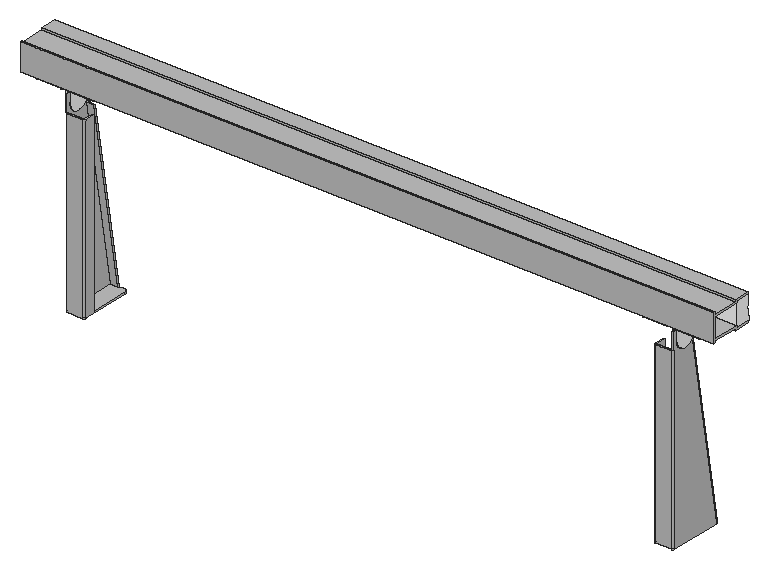
Revit family "4070758+4070746+4070772 Feilo Sylvania Lighting Fixture CURSUS 876MM 620LM OVAL LED 3K with CONTINUOUS WALL HOUSING with 250MM WALL BRACKET", category Lighting Fixtures, host Face, Revit 2017
Family settings
  Host = Face
  Round Connector Dimension = Use Diameter
  Part Type = Normal
  OmniClass Number = 23.80.70.14
  OmniClass Title = Luminaries for External Lighting
  Cut with Voids When Loaded = Yes
  Light Source = No
  Shared = No
  Room Calculation Point = No
Parameters (values of type "4070758 CURSUS 876MM 620LM OVAL LED 3K")
  Weight = "1.7 kg"
  Wattage Comments = "n/a"
  WarrantyStartDate [instance] = "n/a"
  WarrantyGuarantorParts = "n/a"
  WarrantyDurationUnit = "n/a"
  WarrantyDurationParts = "n/a"
  WarrantyDescription = "n/a"
  Voltage = 24 V
  URL = "http://www.sylvania-lighting.com"
  TypeName = "CURSUS 876MM 620LM OVAL LED 3K"
  TypeFixture_FEILO = CURSUS with CONTINUOUS WALL HOUSING : CURSUS 876MM 620LM OVAL LED 3K
  Type Image = <None>
  Type Comments = "n/a"
  TiltAngle [instance] = 0.00°
  StartAngle [instance] = TiltAngle + 270.00°  # 270.00°
  SerialNumber [instance] = "n/a"
  ReflectorMaterial = none
  PowerFactor = 0
  PowerConsumption = "13.5 W"
  NominalLength = 876 mm
  NominalHeight = 50 mm
  NominalDepth = 30 mm
  Name = "CURSUS 876MM 620LM OVAL LED 3K"
  ModelReference = Name  # "CURSUS 876MM 620LM OVAL LED 3K"
  ModelNumber = "4070758"
  Model = Name  # "CURSUS 876MM 620LM OVAL LED 3K"
  Material = "natural anodised extruded aluminium structure housing, optical system with pmma lenses diffuser"
  ManufacturerName = "Feilo Sylvania"
  Manufacturer = "Feilo Sylvania"
  LuminousEfficacy = "45.92 lm/W"
  LuminaireType = ""
  LightOutputRatio = "100"
  LampsType = Lamp  # "LED"
  LampNominalLuminous = "620 lm"
  LampMacAdamStep = "n/a"
  LampColourTemperature = "3000 K"
  LampColourRenderingIndex = "80"
  Lamp = "LED"
  Keynote = "16500"
  InstallationDate [instance] = "n/a"
  InputVoltage = "24V DC"
  InputNominalFrequency = "50/60 Hz"
  IngressProtection = "IP67"
  ImpactProtectionIndex = "IK07"
  IfcExportType = "IfcLightFixtureType"
  IfcExportAs = "IfcLightFixtureType"
  ExpectedLife = 50000
  EndAngle [instance] = StartAngle - 180.00°  # 90.00°
  ElectricShockClassification = "Class III"
  DurationUnit = "hours"
  DocumentationLiterature = "http://www.sylvania-lighting.com/product/en-int/products/4070758"
  DimmingControlOptions = "n/a"
  DiffuserMaterial = Diffuser-Sylvania-Glow
  Description = "LED Exterior Lighting Recessed Surface Mounted Linear Fixture, Natural anodised extruded aluminium structure. Die-cast aluminium end caps. Installation kit with harmonic steel springs., 620 lm, 13,5W, 45lm/W, 3000K, CRI80+,non dimmable,IP67, IK07, (HxWxD) 876x50x30mm, 3 step Mac Adam Ellipse, 1.7kg,, Classe III, 21-25V-DC, energy class : A++, A+, A"
  Default Elevation = 1219.2 mm
  CreatedOn = "1/8/2018"
  CreatedBy = ""
  Cost = 0
  built-in parameter 1114216 [instance] = (empty or 0)
  ClassificationValue = "EF_70_80"
  ClassificationName = "Uniclass2015"
  BracketWidth = 24 mm
  BracketThickness = 2 mm
  BracketHeightEnd = 32 mm
  BracketHeight = 70 mm
  BracketFlange = BracketHeight / 5  # 14 mm
  BracketExtension = 250 mm
  BracketEndReduction = 25 mm
  BracketC = 22 mm  # constant formula
  BracketDistance = 745 mm
  BracketD = BracketHeightEnd - (BracketC * (BracketHeight - BracketHeightEnd) / (BracketExtension - BracketEndReduction))  # 28.284 mm
  BodyMaterial = Body-Sylvania-Gray
  BarCode [instance] = "n/a"
  AssetType = "Fixed"
  AssetIdentifier [instance] = "n/a"
  Assembly Code = "D5020200"
  Apparent Load = 13.5 VA
  AccessoryMaterial = Diffuser-Sylvania-Glow
Reference planes
  plane 1 "Center (Front/Back)": y = 0
  plane 2: z = 0
  plane 3 "Center (Left/Right)": x = 0
  plane 4: x = -384.5
  plane 5: x = 384.5
  plane 6: y = 70
  plane 7: x = -360.5
  plane 8: x = 360.5
  plane 9: z = 250
  plane 10: z = 236
  plane 11: z = 2
  plane 12: z = 225
  plane 13: x = -382.5
  plane 14: y = 68
  plane 15: y = 2
  plane 16: x = -362.5
  plane 17: x = 362.5
  plane 18: x = 382.5
  plane 19: x = -372.5
  plane 20: x = 372.5
  plane 21: y = 14
  plane 22: y = 32
  plane 23: y = 30
  plane 24: z = 247
  plane 25: y = 28.284
  plane 26: y = 16
Forms (mm)
  Blend 1, solid, material "Body-Sylvania-Gray" <- "BodyMaterial"
    base sketch origin (1223.4, -4572, 2) x (0, -1, 0) y (1, 0, 0)
      loop
        line (-4640, -1595.9) -> (-4642, -1595.9) -> (-4642, -1605.9)
        arc (-4642, -1605.9) -> (-4641.414, -1607.314) -> (-4640, -1607.9) r 2
        line (-4640, -1607.9) -> (-4574, -1607.9)
        arc (-4574, -1607.9) -> (-4572.586, -1607.314) -> (-4572, -1605.9) r 2
        line (-4572, -1605.9) -> (-4572, -1585.9)
        arc (-4572, -1585.9) -> (-4572.586, -1584.486) -> (-4574, -1583.9) r 2
        line (-4574, -1583.9) -> (-4586, -1583.9) -> (-4586, -1585.9) -> (-4574, -1585.9) -> (-4574, -1605.9) -> (-4640, -1605.9) -> (-4640, -1595.9)
    top sketch origin (1223.4, -4572, 2) x (0, -1, 0) y (1, 0, 0)
      loop
        line (-4586, -1585.9) -> (-4574, -1585.9) -> (-4574, -1605.9) -> (-4602, -1605.9) -> (-4602, -1595.9) -> (-4604, -1595.9) -> (-4604, -1605.9)
        arc (-4604, -1605.9) -> (-4603.52, -1607.21) -> (-4602.309, -1607.9) r 2.028
        line (-4602.309, -1607.9) -> (-4574, -1607.9)
        arc (-4574, -1607.9) -> (-4572.586, -1607.314) -> (-4572, -1605.9) r 2
        line (-4572, -1605.9) -> (-4572, -1585.9)
        arc (-4572, -1585.9) -> (-4572.586, -1584.486) -> (-4574, -1583.9) r 2
        line (-4574, -1583.9) -> (-4586, -1583.9) -> (-4586, -1585.9)
    from 0 to 223
  Extrusion 2, solid, material "Body-Sylvania-Gray" <- "BodyMaterial"
    sketch origin (0, 0, 0) x (1, 0, 0) y (0, 1, 0)
      loop
        arc (-382.5, 70) -> (-383.914, 69.414) -> (-384.5, 68) r 2
        line (-384.5, 68) -> (-384.5, 2)
        arc (-384.5, 2) -> (-383.914, 0.586) -> (-382.5, 0) r 2
        line (-382.5, 0) -> (-362.5, 0)
        arc (-362.5, 0) -> (-361.086, 0.586) -> (-360.5, 2) r 2
        line (-360.5, 2) -> (-360.5, 62.5)
        arc (-360.5, 62.5) -> (-362.697, 67.803) -> (-368, 70) r 7.5
        line (-368, 70) -> (-382.5, 70)
      loop
        line (382.5, 70) -> (368, 70)
        arc (368, 70) -> (362.697, 67.803) -> (360.5, 62.5) r 7.5
        line (360.5, 62.5) -> (360.5, 2)
        arc (360.5, 2) -> (361.086, 0.586) -> (362.5, 0) r 2
        line (362.5, 0) -> (382.5, 0)
        arc (382.5, 0) -> (383.914, 0.586) -> (384.5, 2) r 2
        line (384.5, 2) -> (384.5, 68)
        arc (384.5, 68) -> (383.914, 69.414) -> (382.5, 70) r 2
    from 0 to 2
  Blend 3, solid, material "Body-Sylvania-Gray" <- "BodyMaterial"
    base sketch origin (1223.4, -4572, 2) x (0, -1, 0) y (1, 0, 0)
      loop
        line (-4640, -840.9) -> (-4574, -840.9) -> (-4574, -860.9) -> (-4586, -860.9) -> (-4586, -862.9) -> (-4574, -862.9)
        arc (-4574, -862.9) -> (-4572.586, -862.314) -> (-4572, -860.9) r 2
        line (-4572, -860.9) -> (-4572, -840.9)
        arc (-4572, -840.9) -> (-4572.586, -839.486) -> (-4574, -838.9) r 2
        line (-4574, -838.9) -> (-4640, -838.9)
        arc (-4640, -838.9) -> (-4641.414, -839.486) -> (-4642, -840.9) r 2
        line (-4642, -840.9) -> (-4642, -850.9) -> (-4640, -850.9) -> (-4640, -840.9)
    top sketch origin (1223.4, -4572, 2) x (0, -1, 0) y (1, 0, 0)
      loop
        line (-4602, -850.9) -> (-4602, -840.9) -> (-4574, -840.9) -> (-4574, -860.9) -> (-4586, -860.9) -> (-4586, -862.9) -> (-4574, -862.9)
        arc (-4574, -862.9) -> (-4572.586, -862.314) -> (-4572, -860.9) r 2
        line (-4572, -860.9) -> (-4572, -840.9)
        arc (-4572, -840.9) -> (-4572.586, -839.486) -> (-4574, -838.9) r 2
        line (-4574, -838.9) -> (-4602, -838.9)
        arc (-4602, -838.9) -> (-4603.414, -839.486) -> (-4604, -840.9) r 2
        line (-4604, -840.9) -> (-4604, -850.9) -> (-4602, -850.9)
    from 0 to 223
  Blend 4, solid, material "Body-Sylvania-Gray" <- "BodyMaterial"
    base sketch origin (1223.4, -4572, 225) x (0, -1, 0) y (1, 0, 0)
      loop
        line (-4604, -1607.9) -> (-4572, -1607.9) -> (-4572, -1605.9) -> (-4604, -1605.9) -> (-4604, -1607.9)
    top sketch origin (1223.4, -4572, 225) x (0, -1, 0) y (1, 0, 0)
      loop
        line (-4572, -1607.9) -> (-4572, -1605.9) -> (-4600.284, -1605.9) -> (-4600.284, -1607.9) -> (-4572, -1607.9)
    from 0 to 22
  Blend 5, solid, material "Body-Sylvania-Gray" <- "BodyMaterial"
    base sketch origin (1223.4, -4572, 225) x (0, -1, 0) y (1, 0, 0)
      loop
        line (-4604, -840.9) -> (-4572, -840.9) -> (-4572, -838.9) -> (-4604, -838.9) -> (-4604, -840.9)
    top sketch origin (1223.4, -4572, 225) x (0, -1, 0) y (1, 0, 0)
      loop
        line (-4572, -838.9) -> (-4600.284, -838.9) -> (-4600.284, -840.9) -> (-4572, -840.9) -> (-4572, -838.9)
    from 0 to 22
  Extrusion 6, void
    sketch origin (0, 0, 0) x (0, 1, 0) y (0, 0, 1)
      loop
        line (0, 225) -> (2, 225) -> (2, 226.5) -> (0, 226.5) -> (0, 225)
      loop
        line (32, 225) -> (32, 226.5) -> (30, 226.5) -> (30, 225) -> (32, 225)
    from -384.5 to 384.5
  Revolve 7, solid, not visible
    sketch origin (1524, 16, 1219.2) x (1, 0, 0) y (0, 0, 1)
      loop
        line (-1524, -972.2) -> (-1524, -983.2) -> (-1151.5, -983.2) -> (-1151.5, -972.2) -> (-1524, -972.2)
      axis (-1151.5, -983.2) -> (-1524, -983.2)
    angle from 270 <- "StartAngle" to 90 <- "EndAngle"
Cuts and joins
  Extrusion 6 cuts Blend 4
  Extrusion 6 cuts Blend 5
  joined: Blend 1, Extrusion 2, Blend 3, Blend 4, Blend 5
Lines and regions (mm)
  reference lines, not visible
    curve 1: line (-360.5, 16, 236) -> (360.5, 16, 236)
Dimensions and locks
  equal spacing: plane 4, plane 3 "Center (Left/Right)", plane 5
  "BracketDistance": plane 19 to plane 20
  "BracketHeight": plane 1 "Center (Front/Back)" to plane 6
  equal spacing: plane 7, plane 3 "Center (Left/Right)", plane 8
  "BracketWidth": plane 4 to plane 7
  "BracketExtension": plane 9 to plane 2
  "BracketThickness": plane 11 to plane 2
  "BracketEndReduction": plane 9 to plane 12
  equal spacing: plane 13, plane 3 "Center (Left/Right)", plane 18
  equal spacing: plane 16, plane 3 "Center (Left/Right)", plane 17
  "BracketThickness": plane 4 to plane 13
  "BracketThickness": plane 16 to plane 7
  "BracketThickness": plane 14 to plane 6
  "BracketThickness": plane 1 "Center (Front/Back)" to plane 15
  equal spacing: plane 4, plane 19, plane 7
  equal spacing: plane 8, plane 20, plane 5
  "BracketFlange": plane 1 "Center (Front/Back)" to plane 21
  "BracketHeightEnd": plane 1 "Center (Front/Back)" to plane 22
  "BracketThickness": plane 23 to plane 22
  locked: Extrusion 2 sketch curve to plane 7 at 7.5
  locked: Extrusion 2 sketch curve to plane 6 at 7.5  (x2)
  locked: plane 8 to Extrusion 2 sketch curve at 7.5
  "BracketC": plane 24 to plane 12
  "BracketD": plane 1 "Center (Front/Back)" to plane 25
  locked: plane 12 to Extrusion 6 sketch curve at 1.5
  equal spacing: plane 24, plane 10, plane 12
  equal spacing: plane 1 "Center (Front/Back)", plane 26, plane 22
  aligned and locked: plane 2 to host face
  aligned and locked: level to host face
  aligned and locked: plane 4 to Blend 1 sketch curve  (x2)
  aligned and locked: plane 13 to Blend 1 sketch curve  (x3)
  aligned and locked: Blend 1 sketch curve to plane 15
  aligned and locked: Blend 1 sketch curve to plane 16
  aligned and locked: Blend 1 sketch curve to plane 21
  aligned and locked: plane 7 to Blend 1 sketch curve
  aligned and locked: plane 16 to Blend 1 sketch curve
  aligned and locked: plane 1 "Center (Front/Back)" to Blend 1 sketch curve
  aligned and locked: plane 14 to Blend 1 sketch curve
  aligned and locked: Blend 1 sketch curve to var sketch  (x6)
  aligned and locked: Blend 1 sketch curve to plane 19
  aligned and locked: Blend 1 sketch curve to plane 22
  aligned and locked: plane 23 to Blend 1 sketch curve
  aligned and locked: plane 11 to Blend 1
  aligned and locked: Extrusion 2 sketch curve to Blend 1  (x3)
  aligned and locked: Extrusion 2 to level
  aligned and locked: Extrusion 2 to plane 11
  aligned and locked: Extrusion 2 sketch curve to plane 7
  aligned and locked: plane 18 to Blend 3 sketch curve  (x4)
  aligned and locked: plane 14 to Blend 3 sketch curve  (x2)
  aligned and locked: Blend 3 sketch curve to plane 20
  aligned and locked: Blend 3 sketch curve to plane 6
  aligned and locked: plane 5 to Blend 3 sketch curve
  aligned and locked: plane 1 "Center (Front/Back)" to Blend 3 sketch curve
  aligned and locked: plane 15 to Blend 3 sketch curve  (x2)
  aligned and locked: Blend 3 sketch curve to plane 8
  aligned and locked: Blend 3 sketch curve to plane 21
  aligned and locked: plane 17 to Blend 3 sketch curve
  aligned and locked: Blend 3 sketch curve to plane 18
  aligned and locked: plane 20 to Blend 3 sketch curve  (x2)
  aligned and locked: Blend 3 sketch curve to plane 23
  aligned and locked: Blend 3 sketch curve to var sketch  (x8)
  aligned and locked: var sketch to Blend 3 sketch curve
  aligned and locked: plane 22 to Blend 3 sketch curve
  aligned and locked: plane 11 to Blend 3
  aligned and locked: Extrusion 2 sketch curve to Blend 3  (x4)
  aligned and locked: Blend 1 to plane 12
  aligned and locked: Blend 3 to plane 12
  aligned and locked: Blend 4 sketch curve to plane 22
  aligned and locked: Blend 4 sketch curve to cut or joined group of Blend 1, Extrusion 2, Blend 3, Blend 4, Blend 5, Extrusion 6  (x2)
  aligned and locked: cut or joined group of Blend 1, Extrusion 2, Blend 3, Blend 4, Blend 5, Extrusion 6 to Blend 4 sketch curve
  aligned and locked: Blend 4 sketch curve to var sketch  (x2)
  aligned and locked: Blend 4 sketch curve to plane 13
  aligned and locked: Blend 4 to plane 24
  aligned and locked: Blend 4 sketch curve to plane 25
  aligned and locked: Blend 5 sketch curve to plane 18  (x2)
  aligned and locked: plane 1 "Center (Front/Back)" to Blend 5 sketch curve
  aligned and locked: plane 5 to Blend 5 sketch curve
  aligned and locked: plane 22 to Blend 5 sketch curve
  aligned and locked: Blend 5 sketch curve to var sketch
  aligned and locked: var sketch to Blend 5 sketch curve
  aligned and locked: Blend 5 sketch curve to plane 25
  aligned and locked: Blend 5 to plane 24
  aligned and locked: plane 12 to Blend 5
  aligned and locked: Extrusion 6 sketch curve to cut or joined group of Blend 1, Extrusion 2, Blend 3, Blend 4, Blend 5, Extrusion 6  (x2)
  aligned and locked: Extrusion 6 sketch curve to Extrusion 6 sketch curve
  aligned and locked: Extrusion 6 sketch curve to plane 15
  aligned and locked: plane 5 to Extrusion 6
  aligned and locked: Extrusion 6 to plane 4
  aligned and locked: Extrusion 6 sketch curve to plane 23
  aligned and locked: Revolve 7 sketch curve to plane 10  (x2)
  aligned and locked: plane 24 to Revolve 7 sketch curve
  aligned and locked: plane 3 "Center (Left/Right)" to Revolve 7 sketch curve
  aligned and locked: Revolve 7 sketch curve to plane 20
  aligned and locked: plane 7 to curve 1
  aligned and locked: plane 10 to curve 1
  aligned and locked: nested 1 to plane 5
  aligned and locked: nested 2 to plane 4
  aligned and locked: nested 1 to curve 1
  aligned and locked: nested 2 to curve 1
  aligned and locked: nested 3 to plane 3 "Center (Left/Right)"
  aligned and locked: nested 1 to nested 3
Automatic sketch dimensions
  host sketch curve to host sketch curve = 2438.4 mm  (x2)
  Blend 1 sketch curve to plane 13 = 0 mm
  plane 15 to Blend 1 sketch curve = 0 mm  (x3)
  Blend 1 sketch curve to plane 23 = 0.309 mm
  plane 6 to Blend 1 sketch curve = 0 mm
  plane 14 to Blend 1 sketch curve = 0 mm
  Blend 1 sketch curve to plane 19 = 0 mm
  Blend 3 sketch curve to plane 17 = 0 mm
  Extrusion 6 sketch curve to plane 1 "Center (Front/Back)" = 0 mm
  plane 12 to Extrusion 6 sketch curve = 0 mm
  Revolve 7 sketch curve to plane 4 = 1153 mm
  plane 5 to Revolve 7 sketch curve = 1161.4 mm
  curve 1 to plane 8 = 0 mm
Nested families
  nested 1: "MountingPlate" at (383.5, 16, 236) x (-1, 0, 0) z (0, 0, 1), type "MountingPlate"
  nested 2: "MountingPlate" at (-383.5, 16, 236) x (-1, 0, 0) z (0, 0, 1), type "MountingPlate"
  nested 3: "CURSUS with CONTINUOUS WALL HOUSING" at (0, -4, 254) x (-1, 0, 0) z (0, 0, 1), type <- "TypeFixture_FEILO", type "CURSUS 876MM 620LM OVAL LED 3K"
    with WarrantyStartDate "n/a", SerialNumber "n/a", InstallationDate "n/a", EndCapRight no, EndCapLeft no, built-in parameter 1114216 (empty or 0), BarCode "n/a", AssetIdentifier "n/a"
Connectors
  electrical at (0, 0, 0), driven by "Voltage", driven by "Apparent Load", driven by "PowerFactor"
    settings: index 1, voltage 24 V, apparent load 13.5 VA, apparent load phase1 0 VA, apparent load phase2 0 VA, apparent load phase3 0 VA, power factor 0, load classification "Other", number of poles 1, system type 30, power factor state 1, is connector primary yes, connector utility no, sub classification motor no, connector description ""
Definition of nested family "MountingPlate"
  Parameters (values of type "MountingPlate")
    URL = "http://www.feilosylvania.com"
    Type Comments = "n/a"
    ReflectorMaterial = none
    MountingPlateWidth = 76 mm
    MountingPlateThickness = 2 mm
    MountingPlateRadiusBack = 12 mm
    MountingPlateRadius = 3 mm
    MountingPlateHeight = 35 mm
    Model = "n/a"
    Manufacturer = "Feilo Sylvania"
    Keynote = "n/a"
    DiffuserMaterial = none
    Description = "n/a"
    Default Elevation = 1219.2 mm
    Cost = 0
    BodyMaterial = none
    Assembly Code = "n/a"
    AccessoryMaterial = none
  Reference planes
    plane 1 "Center (Front/Back)": y = 0
    plane 2: z = 0
    plane 3 "Center (Left/Right)": x = 0
    plane 4: x = -38
    plane 5: x = 38
    plane 6: y = 17.5
    plane 7: y = -17.5
    plane 8: x = -3
    plane 9: x = 3
    plane 10: z = 18
    plane 11: z = 16
    plane 12: y = 12.5
    plane 13: y = -12.5
    plane 14: x = -1
    plane 15: x = 1
    plane 16: z = -12.5
    plane 17: z = -14.5
  Forms (mm)
    Extrusion 1, solid
      sketch origin (1.653, 0, 0) x (1, 0, 0) y (0, 1, 0)
        loop
          line (-1219.2, 1219.2) -> (-1219.2, -1219.2) -> (1219.2, -1219.2) -> (1219.2, 1219.2) -> (-1219.2, 1219.2)
      from 0 to -304.8
    Extrusion 2, solid, material <- "BodyMaterial"
      sketch origin (1218.4, -4572, 16) x (0, -1, 0) y (-1, 0, 0)
        loop
          line (-4589.5, 1253.4) -> (-4589.5, 1224.4)
          arc (-4589.5, 1224.4) -> (-4588.621, 1222.279) -> (-4586.5, 1221.4) r 3
          line (-4586.5, 1221.4) -> (-4557.5, 1221.4)
          arc (-4557.5, 1221.4) -> (-4555.379, 1222.279) -> (-4554.5, 1224.4) r 3
          line (-4554.5, 1224.4) -> (-4554.5, 1253.4)
          arc (-4554.5, 1253.4) -> (-4555.379, 1255.521) -> (-4557.5, 1256.4) r 3
          line (-4557.5, 1256.4) -> (-4586.5, 1256.4)
          arc (-4586.5, 1256.4) -> (-4588.621, 1255.521) -> (-4589.5, 1253.4) r 3
        loop
          arc (-4589.5, 1183.4) -> (-4588.621, 1181.279) -> (-4586.5, 1180.4) r 3
          line (-4586.5, 1180.4) -> (-4557.5, 1180.4)
          arc (-4557.5, 1180.4) -> (-4555.379, 1181.279) -> (-4554.5, 1183.4) r 3
          line (-4554.5, 1183.4) -> (-4554.5, 1212.4)
          arc (-4554.5, 1212.4) -> (-4555.379, 1214.521) -> (-4557.5, 1215.4) r 3
          line (-4557.5, 1215.4) -> (-4586.5, 1215.4)
          arc (-4586.5, 1215.4) -> (-4588.621, 1214.521) -> (-4589.5, 1212.4) r 3
          line (-4589.5, 1212.4) -> (-4589.5, 1183.4)
      from 0 to -2
    Extrusion 3, solid, material <- "BodyMaterial"
      sketch origin (0, 0, 0) x (1, 0, 0) y (0, 0, 1)
        loop
          line (-3, 18) -> (-3, -12.5) -> (-1, -12.5) -> (-1, 16)
          arc (-1, 16) -> (-1.586, 17.414) -> (-3, 18) r 2
        loop
          line (3, -12.5) -> (3, 18)
          arc (3, 18) -> (1.586, 17.414) -> (1, 16) r 2
          line (1, 16) -> (1, -12.5) -> (3, -12.5)
      from -12.5 to 12.5
    Extrusion 4, void
      sketch origin (0, 0, 0) x (0, 1, 0) y (0, 0, 1)
        loop
          line (-12.5, -0.5) -> (-17.5, -0.5) -> (-17.5, -14.5) -> (-0.5, -14.5) -> (-0.5, -12.5)
          arc (-0.5, -12.5) -> (-8.985, -8.985) -> (-12.5, -0.5) r 12
        loop
          line (0.5, -12.5) -> (0.5, -14.5) -> (17.5, -14.5) -> (17.5, -0.5) -> (12.5, -0.5)
          arc (12.5, -0.5) -> (8.985, -8.985) -> (0.5, -12.5) r 12
      from -3 to 3
  Cuts and joins
    Extrusion 4 cuts Extrusion 2
    Extrusion 4 cuts Extrusion 3
    joined: Extrusion 2, Extrusion 3
  Lines and regions (mm)
    reference lines
      curve 1: line (-38, 0, 0) -> (38, 0, 0)
  Dimensions and locks
    equal spacing: plane 4, plane 3 "Center (Left/Right)", plane 5
    "MountingPlateWidth": plane 4 to plane 5
    equal spacing: plane 7, plane 1 "Center (Front/Back)", plane 6
    "MountingPlateHeight": plane 7 to plane 6
    equal spacing: plane 8, plane 3 "Center (Left/Right)", plane 9
    "MountingPlateHeight": plane 4 to plane 8
    locked: plane 10 to plane 2 at 18
    "MountingPlateThickness": plane 10 to plane 11
    equal spacing: plane 13, plane 1 "Center (Front/Back)", plane 12
    locked: plane 13 to plane 12 at 25
    "MountingPlateRadius": plane 4 to Extrusion 2 sketch curve  (x2)
    "MountingPlateRadius": Extrusion 2 sketch curve to plane 6  (x4)
    "MountingPlateRadius": Extrusion 2 sketch curve to plane 8  (x2)
    "MountingPlateRadius": plane 7 to Extrusion 2 sketch curve  (x4)
    "MountingPlateRadius": plane 9 to Extrusion 2 sketch curve  (x2)
    "MountingPlateRadius": Extrusion 2 sketch curve to plane 5  (x2)
    equal spacing: plane 15, plane 3 "Center (Left/Right)", plane 14
    "MountingPlateThickness": plane 14 to plane 8
    locked: plane 2 to plane 16 at 12.5
    locked: plane 17 to plane 16 at 2
    "MountingPlateRadiusBack": plane 13 to Extrusion 4 sketch curve
    "MountingPlateRadiusBack": plane 16 to Extrusion 4 sketch curve  (x2)
    "MountingPlateRadiusBack": Extrusion 4 sketch curve to plane 12
    aligned and locked: plane 2 to Extrusion 1
    aligned and locked: level to Extrusion 1
    aligned and locked: Extrusion 2 sketch curve to plane 6
    aligned and locked: Extrusion 2 sketch curve to plane 4
    aligned and locked: plane 7 to Extrusion 2 sketch curve
    aligned and locked: plane 8 to Extrusion 2 sketch curve
    aligned and locked: plane 6 to Extrusion 2 sketch curve
    aligned and locked: Extrusion 2 sketch curve to plane 5
    aligned and locked: Extrusion 2 sketch curve to plane 7
    aligned and locked: plane 9 to Extrusion 2 sketch curve
    aligned and locked: Extrusion 2 to plane 10
    aligned and locked: plane 11 to Extrusion 2
    aligned and locked: Extrusion 3 sketch curve to Extrusion 2  (x2)
    aligned and locked: plane 16 to Extrusion 3 sketch curve  (x2)
    aligned and locked: plane 14 to Extrusion 3 sketch curve
    aligned and locked: plane 9 to Extrusion 3 sketch curve
    aligned and locked: plane 15 to Extrusion 3 sketch curve
    aligned and locked: Extrusion 3 to plane 12
    aligned and locked: plane 13 to Extrusion 3
    aligned and locked: plane 17 to Extrusion 4 sketch curve  (x2)
    aligned and locked: Extrusion 4 sketch curve to plane 7
    aligned and locked: Extrusion 4 sketch curve to plane 6
    aligned and locked: plane 9 to Extrusion 4
    aligned and locked: Extrusion 4 to plane 8
    aligned and locked: plane 4 to curve 1
    aligned and locked: curve 1 to level
  Automatic sketch dimensions
    Extrusion 1 sketch curve to Extrusion 1 sketch curve = 2438.4 mm  (x2)
    Extrusion 3 sketch curve to plane 11 = 0 mm
    curve 1 to plane 5 = 0 mm
    Extrusion 4 sketch curve to plane 13 = 0 mm
    Extrusion 4 sketch curve to plane 12 = 0 mm
Definition of nested family "CURSUS with CONTINUOUS WALL HOUSING"
  Parameters (values of type "CURSUS 1161MM 827LM OVAL LED 3K")
    Width_FEILO = 35 mm
    Weight = "2.2 kg"
    Wattage Comments = "n/a"
    Wattage = 18 W
    WarrantyStartDate [instance] = "n/a"
    WarrantyGuarantorParts = "n/a"
    WarrantyDurationUnit = "n/a"
    WarrantyDurationParts = "n/a"
    WarrantyDescription = "n/a"
    WallThickness_FEILO = 2.5 mm
    built-in parameter 1150110 = 1 (stored number, unit not read)
    Voltage = 24 V
    URL = "http://www.feilosylvania.com"
    TypeName = "CURSUS 1161MM 827LM OVAL LED 3K"
    Type Image = (empty or 0)
    Type Comments = "n/a"
    built-in parameter 1114217 = 1 (stored number, unit not read)
    Tilt Angle = -90.00°
    built-in parameter 1150109 = 1 (stored number, unit not read)
    built-in parameter 1150134 = (empty or 0)
    built-in parameter 1150113 = 1 (stored number, unit not read)
    SerialNumber [instance] = "n/a"
    ReflectorMaterial = none
    PowerFactor = 0
    PowerConsumption = "18 W"
    Photometric Web File = "4070765.ies"
    NominalLength = 1161 mm
    NominalHeight = 50 mm
    NominalDepth = 30 mm
    Name = "CURSUS 1161MM 827LM OVAL LED 3K"
    ModelReference = Name  # "CURSUS 1161MM 827LM OVAL LED 3K"
    ModelNumber = ""
    Model = Name  # "CURSUS 1161MM 827LM OVAL LED 3K"
    Material = "natural anodised extruded aluminium structure housing, optical system with pmma lenses diffuser"
    ManufacturerName = "Feilo Sylvania"
    Manufacturer = "Feilo Sylvania"
    LuminousEfficacy = "45.94 lm/W"
    built-in parameter 1150105 = 65.811 (stored number, unit not read)
    Lumens = 827 lm
    LuminaireType = ""
    built-in parameter 1150115 = 1 (stored number, unit not read)
    LightOutputRatio = "100"
    built-in parameter 1150137 = (empty or 0)
    built-in parameter 1150139 = (empty or 0)
    Length_FEILO = 1167 mm
    LampsType = Lamp  # "LED"
    LampNominalLuminous = "827 lm"
    LampMacAdamStep = "n/a"
    LampColourTemperature = "3000 K"
    LampColourRenderingIndex = "80"
    built-in parameter 1150112 = 1 (stored number, unit not read)
    built-in parameter 1150114 = 1 (stored number, unit not read)
    Lamp = "LED"
    Keynote = "16500"
    InstallationDate [instance] = "n/a"
    InputVoltage = "24V DC"
    InputNominalFrequency = "n/a"
    built-in parameter 1150132 = (empty or 0)
    built-in parameter 1150102 = (empty or 0)
    built-in parameter 1150107 = 3000 (stored number, unit not read)
    built-in parameter 1150138 = (empty or 0)
    IngressProtection = "IP67"
    ImpactProtectionIndex = "IK07"
    built-in parameter 1150106 = 0.65811 (stored number, unit not read)
    IfcExportType = "IfcLightFixtureType"
    IfcExportAs = "IfcLightFixtureType"
    ExpectedLife = 50000
    EndCapRight [instance] = no
    EndCapLeft [instance] = no
    Emit from Rectangle Width = Width_FEILO - WallThickness_FEILO * 2  # 30 mm
    Emit from Rectangle Length = Length_FEILO - WallThickness_FEILO * 2  # 1162 mm
    Emit Shape Visible in Rendering = no
    ElectricShockClassification = "Class III"
    built-in parameter 1150104 = 4.2684 (stored number, unit not read)
    DurationUnit = "hours"
    DocumentationLiterature = "http://www.feilosylvania.com/product/en-int/products/4070765"
    DimmingControlOptions = "n/a"
    Dimming Lamp Color Temperature Shift = (empty or 0)
    DiffuserMaterial = none
    Description = "LED Exterior Lighting Recessed Surface Mounted Linear Fixture, Natural anodised extruded aluminium structure. Die-cast aluminium end caps. Installation kit with harmonic steel springs., 827 lm, 18W, 45lm/W, 3000K, CRI80+,non dimmable,IP67, IK07, (HxWxD) 1161x50x30mm, 3 step Mac Adam Ellipse, 2.2kg,, Classe III, 21-25V-DC, energy class : A++, A+, A"
    Default Elevation = 1219.2 mm
    CreatedOn = "1/8/2018"
    CreatedBy = "aron.fodor@feilosylvania.com"
    Cost = 0
    Color Filter = 16777215
    built-in parameter 1114216 [instance] = (empty or 0)
    ClassificationValue = "EF_70_80"
    ClassificationName = "Uniclass2015"
    BodyMaterial = none
    BarCode [instance] = "n/a"
    built-in parameter 1114218 = 1 (stored number, unit not read)
    built-in parameter 1150133 = 10 (stored number, unit not read)
    AssetType = "Fixed"
    AssetIdentifier [instance] = "n/a"
    Assembly Code = "D5020200"
    Apparent Load = 18 VA
    AccessoryMaterial = none
  Types (16, lengths in mm): name | Weight | Wattage | Voltage | TypeName | built-in parameter 1150134 | PowerConsumption | Photometric Web File | NominalLength | Name | ModelReference | Model | Material | LuminousEfficacy | built-in parameter 1150105 | Lumens | Length_FEILO | LampNominalLuminous | LampColourTemperature | InputVoltage | InputNominalFrequency | built-in parameter 1150107 | built-in parameter 1150106 | Emit from Rectangle Length | built-in parameter 1150104 | DocumentationLiterature | Description | Apparent Load
    CURSUS 1161MM 827LM OVAL LED 3K | "2.2 kg" | 18 W | 24 V | "CURSUS 1161MM 827LM OVAL LED 3K" | (empty or 0) | "18 W" | "4070765.ies" | 1161 | "CURSUS 1161MM 827LM OVAL LED 3K" | "CURSUS 1161MM 827LM OVAL LED 3K" | "CURSUS 1161MM 827LM OVAL LED 3K" | "natural anodised extruded aluminium structure housing, optical system with pmma lenses diffuser" | "45.94 lm/W" | 65.811 (stored number, unit not read) | 827 lm | 1167 | "827 lm" | "3000 K" | "24V DC" | "n/a" | 3000 (stored number, unit not read) | 0.65811 (stored number, unit not read) | 1162 | 4.2684 (stored number, unit not read) | "http://www.feilosylvania.com/product/en-int/products/4070765" | "LED Exterior Lighting Recessed Surface Mounted Linear Fixture, Natural anodised extruded aluminium structure. Die-cast aluminium end caps. Installation kit with harmonic steel springs., 827 lm, 18W, 45lm/W, 3000K, CRI80+,non dimmable,IP67, IK07, (HxWxD) 1161x50x30mm, 3 step Mac Adam Ellipse, 2.2kg,, Classe III, 21-25V-DC, energy class : A++, A+, A" | 18 VA
    CURSUS 1161MM 731LM WIDE LED 3K | "2.2 kg" | 18 W | 230 V | "CURSUS 1161MM 731LM WIDE LED 3K" | (empty or 0) | "18 W" | "4070764.ies" | 1161 | "CURSUS 1161MM 731LM WIDE LED 3K" | "CURSUS 1161MM 731LM WIDE LED 3K" | "CURSUS 1161MM 731LM WIDE LED 3K" | "natural anodised extruded aluminium structure housing" | "40.61 lm/W" | 58.171 (stored number, unit not read) | 731 lm | 1167 | "731 lm" | "3000 K" | "220-240V~" | "n/a" | 3000 (stored number, unit not read) | 0.58171 (stored number, unit not read) | 1162 | 3.7729 (stored number, unit not read) | "http://www.feilosylvania.com/product/en-int/products/4070764" | "LED Exterior Lighting Recessed Surface Mounted Linear Fixture, Natural anodised extruded aluminium structure. Die-cast aluminium end caps. Installation kit with harmonic steel springs., 731 lm, 18W, 40lm/W, 3000K, CRI80+,non dimmable,IP67, IK07, (HxWxD) 1161x50x30mm, 3 step Mac Adam Ellipse, 2.2kg,, Classe III, 21-25V-DC, energy class : A++, A+, A" | 18 VA
    CURSUS 1161MM 871LM OVAL LED 4K | "2.2 kg" | 18 W | 24 V | "CURSUS 1161MM 871LM OVAL LED 4K" | 12 | "18 W" | "4070763.ies" | 1161 | "CURSUS 1161MM 871LM OVAL LED 4K" | "CURSUS 1161MM 871LM OVAL LED 4K" | "CURSUS 1161MM 871LM OVAL LED 4K" | "natural anodised extruded aluminium structure housing, optical system with pmma lenses diffuser" | "48.38 lm/W" | 69.312 (stored number, unit not read) | 871 lm | 1167 | "871 lm" | "4000 K" | "24V DC" | "50/60 Hz" | 4000 (stored number, unit not read) | 0.69312 (stored number, unit not read) | 1162 | 4.4955 (stored number, unit not read) | "http://www.feilosylvania.com/product/en-int/products/4070763" | "LED Exterior Lighting Recessed Surface Mounted Linear Fixture, Natural anodised extruded aluminium structure. Die-cast aluminium end caps. Installation kit with harmonic steel springs., 871 lm, 18W,  48lm/W, 4000K, CRI80+,non dimmable,IP67, IK07, (HxWxD) 1161x50x30mm, 3 step Mac Adam Ellipse, 2.2kg,, Classe III, 21-25V-DC, energy class : A++, A+, A" | 18 VA
    CURSUS 1161MM 770LM WIDE LED 4K | "2.2 kg" | 18 W | 230 V | "CURSUS 1161MM 770LM WIDE LED 4K" | 12 | "18 W" | "4070762.ies" | 1161 | "CURSUS 1161MM 770LM WIDE LED 4K" | "CURSUS 1161MM 770LM WIDE LED 4K" | "CURSUS 1161MM 770LM WIDE LED 4K" | "natural anodised extruded aluminium structure housing" | "42.77 lm/W" | 61.275 (stored number, unit not read) | 770 lm | 1167 | "770 lm" | "4000 K" | "220-240V~" | "n/a" | 4000 (stored number, unit not read) | 0.61275 (stored number, unit not read) | 1162 | 3.9742 (stored number, unit not read) | "http://www.feilosylvania.com/product/en-int/products/4070762" | "LED Exterior Lighting Recessed Surface Mounted Linear Fixture, Natural anodised extruded aluminium structure. Die-cast aluminium end caps. Installation kit with harmonic steel springs., 770 lm, 18W,  42lm/W, 4000K, CRI80+,non dimmable,IP67, IK07, (HxWxD) 1161x50x30mm, 3 step Mac Adam Ellipse, 2.2kg,, Classe III, 21-25V-DC, energy class : A++, A+, A" | 18 VA
    CURSUS 876MM 620LM OVAL LED 3K | "1.7 kg" | 13.5 W | 24 V | "CURSUS 876MM 620LM OVAL LED 3K" | (empty or 0) | "13.5 W" | "4070758.ies" | 876 | "CURSUS 876MM 620LM OVAL LED 3K" | "CURSUS 876MM 620LM OVAL LED 3K" | "CURSUS 876MM 620LM OVAL LED 3K" | "natural anodised extruded aluminium structure housing, optical system with pmma lenses diffuser" | "45.92 lm/W" | 49.338 (stored number, unit not read) | 620 lm | 882 | "620 lm" | "3000 K" | "24V DC" | "50/60 Hz" | 3000 (stored number, unit not read) | 0.49338 (stored number, unit not read) | 877 | 4.2667 (stored number, unit not read) | "http://www.feilosylvania.com/product/en-int/products/4070758" | "LED Exterior Lighting Recessed Surface Mounted Linear Fixture, Natural anodised extruded aluminium structure. Die-cast aluminium end caps. Installation kit with harmonic steel springs., 620 lm, 13,5W, 45lm/W, 3000K, CRI80+,non dimmable,IP67, IK07, (HxWxD) 876x50x30mm, 3 step Mac Adam Ellipse, 1.7kg,, Classe III, 21-25V-DC, energy class : A++, A+, A" | 13.5 VA
    CURSUS 876MM 548LM WIDE LED 3K | "1.7 kg" | 13.5 W | 24 V | "CURSUS 876MM 548LM WIDE LED 3K" | (empty or 0) | "13.5 W" | "4070757.ies" | 876 | "CURSUS 876MM 548LM WIDE LED 3K" | "CURSUS 876MM 548LM WIDE LED 3K" | "CURSUS 876MM 548LM WIDE LED 3K" | "natural anodised extruded aluminium structure housing" | "40.59 lm/W" | 43.608 (stored number, unit not read) | 548 lm | 882 | "548 lm" | "3000 K" | "24V DC" | "n/a" | 3000 (stored number, unit not read) | 0.43608 (stored number, unit not read) | 877 | 3.7712 (stored number, unit not read) | "http://www.feilosylvania.com/product/en-int/products/4070757" | "LED Exterior Lighting Recessed Surface Mounted Linear Fixture, Natural anodised extruded aluminium structure. Die-cast aluminium end caps. Installation kit with harmonic steel springs., 548 lm, 13,5W, 40lm/W, 3000K, CRI80+,non dimmable,IP67, IK07, (HxWxD) 876x50x30mm, 3 step Mac Adam Ellipse, 1.7kg,, Classe III, 21-25V-DC, energy class : A++, A+, A" | 13.5 VA
    CURSUS 876MM 653LM OVAL LED 4K | "1.7 kg" | 13.5 W | 24 V | "CURSUS 876MM 653LM OVAL LED 4K" | 12 | "13.5 W" | "4070756.ies" | 876 | "CURSUS 876MM 653LM OVAL LED 4K" | "CURSUS 876MM 653LM OVAL LED 4K" | "CURSUS 876MM 653LM OVAL LED 4K" | "natural anodised extruded aluminium structure housing, optical system with pmma lenses diffuser" | "48.37 lm/W" | 51.964 (stored number, unit not read) | 653 lm | 882 | "653 lm" | "4000 K" | "24V DC" | "n/a" | 4000 (stored number, unit not read) | 0.51964 (stored number, unit not read) | 877 | 4.4938 (stored number, unit not read) | "http://www.feilosylvania.com/product/en-int/products/4070756" | "LED Exterior Lighting Recessed Surface Mounted Linear Fixture, Natural anodised extruded aluminium structure. Die-cast aluminium end caps. Installation kit with harmonic steel springs., 653 lm, 13,5W,  48lm/W, 4000K, CRI80+,non dimmable,IP67, IK07, (HxWxD) 876x50x30mm, 3 step Mac Adam Ellipse, 1.7kg,, Classe III, 21-25V-DC, energy class : A++, A+, A" | 13.5 VA
    CURSUS 876MM 577LM WIDE LED 4K | "1.7 kg" | 13.5 W | 24 V | "CURSUS 876MM 577LM WIDE LED 4K" | 12 | "13.5 W" | "4070755.ies" | 876 | "CURSUS 876MM 577LM WIDE LED 4K" | "CURSUS 876MM 577LM WIDE LED 4K" | "CURSUS 876MM 577LM WIDE LED 4K" | "natural anodised extruded aluminium structure housing" | "42.74 lm/W" | 45.916 (stored number, unit not read) | 577 lm | 882 | "577 lm" | "4000 K" | "24V DC" | "n/a" | 4000 (stored number, unit not read) | 0.45916 (stored number, unit not read) | 877 | 3.9707 (stored number, unit not read) | "http://www.feilosylvania.com/product/en-int/products/4070755" | "LED Exterior Lighting Recessed Surface Mounted Linear Fixture, Natural anodised extruded aluminium structure. Die-cast aluminium end caps. Installation kit with harmonic steel springs., 577 lm, 13,5W,  42lm/W, 4000K, CRI80+,non dimmable,IP67, IK07, (HxWxD) 876x50x30mm, 3 step Mac Adam Ellipse, 1.7kg,, Classe III, 21-25V-DC, energy class : A++, A+, A" | 13.5 VA
    CURSUS 591MM 414LM OVAL LED 3K | "1.2 kg" | 9 W | 24 V | "CURSUS 591MM 414LM OVAL LED 3K" | (empty or 0) | "9 W" | "4070751.ies" | 591 | "CURSUS 591MM 414LM OVAL LED 3K" | "CURSUS 591MM 414LM OVAL LED 3K" | "CURSUS 591MM 414LM OVAL LED 3K" | "natural anodised extruded aluminium structure housing, optical system with pmma lenses diffuser" | "46 lm/W" | 32.945 (stored number, unit not read) | 414 lm | 597 | "414 lm" | "3000 K" | "24V DC" | "n/a" | 3000 (stored number, unit not read) | 0.32945 (stored number, unit not read) | 592 | 4.2735 (stored number, unit not read) | "http://www.feilosylvania.com/product/en-int/products/4070751" | "LED Exterior Lighting Recessed Surface Mounted Linear Fixture, Natural anodised extruded aluminium structure. Die-cast aluminium end caps. Installation kit with harmonic steel springs., 414 lm, 9W, 46lm/W, 3000K, CRI80+,non dimmable,IP67, IK07, (HxWxD) 591x50x30mm, 3 step Mac Adam Ellipse, 1.2kg,, Classe III, 21-25V-DC, energy class : A++, A+, A" | 9 VA
    CURSUS 591MM 365LM WIDE LED 3K | "1.2 kg" | 9 W | 24 V | "CURSUS 591MM 365LM WIDE LED 3K" | (empty or 0) | "9 W" | "4070750.ies" | 591 | "CURSUS 591MM 365LM WIDE LED 3K" | "CURSUS 591MM 365LM WIDE LED 3K" | "CURSUS 591MM 365LM WIDE LED 3K" | "natural anodised extruded aluminium structure housing" | "40.55 lm/W" | 29.046 (stored number, unit not read) | 365 lm | 597 | "365 lm" | "3000 K" | "24V DC" | "n/a" | 3000 (stored number, unit not read) | 0.29046 (stored number, unit not read) | 592 | 3.7677 (stored number, unit not read) | "http://www.feilosylvania.com/product/en-int/products/4070750" | "LED Exterior Lighting Recessed Surface Mounted Linear Fixture, Natural anodised extruded aluminium structure. Die-cast aluminium end caps. Installation kit with harmonic steel springs., 365 lm, 9W, 40lm/W, 3000K, CRI80+,non dimmable,IP67, IK07, (HxWxD) 591x50x30mm, 3 step Mac Adam Ellipse, 1.2kg,, Classe III, 21-25V-DC, energy class : A++, A+, A" | 9 VA
    CURSUS 591MM 435LM OVAL LED 4K | "1.2 kg" | 9 W | 24 V | "CURSUS 591MM 435LM OVAL LED 4K" | 12 | "9 W" | "4070749.ies" | 591 | "CURSUS 591MM 435LM OVAL LED 4K" | "CURSUS 591MM 435LM OVAL LED 4K" | "CURSUS 591MM 435LM OVAL LED 4K" | "natural anodised extruded aluminium structure housing, optical system with pmma lenses diffuser" | "48.33 lm/W" | 34.616 (stored number, unit not read) | 435 lm | 597 | "435 lm" | "4000 K" | "24V DC" | "n/a" | 4000 (stored number, unit not read) | 0.34616 (stored number, unit not read) | 592 | 4.4903 (stored number, unit not read) | "http://www.feilosylvania.com/product/en-int/products/4070749" | "LED Exterior Lighting Recessed Surface Mounted Linear Fixture, Natural anodised extruded aluminium structure. Die-cast aluminium end caps. Installation kit with harmonic steel springs., 435 lm, 9W, 48lm/W, 4000K, CRI80+,non dimmable,IP67, IK07, (HxWxD) 591x50x30mm, 3 step Mac Adam Ellipse, 1.2kg,, Classe III, 21-25V-DC, energy class : A++, A+, A" | 9 VA
    CURSUS 591MM 385LM WIDE LED 4K | "1.2 kg" | 9 W | 24 V | "CURSUS 591MM 385LM WIDE LED 4K" | 12 | "9 W" | "4070748.ies" | 591 | "CURSUS 591MM 385LM WIDE LED 4K" | "CURSUS 591MM 385LM WIDE LED 4K" | "CURSUS 591MM 385LM WIDE LED 4K" | "natural anodised extruded aluminium structure housing" | "42.77 lm/W" | 30.637 (stored number, unit not read) | 385 lm | 597 | "385 lm" | "4000 K" | "24V DC" | "n/a" | 4000 (stored number, unit not read) | 0.30637 (stored number, unit not read) | 592 | 3.9742 (stored number, unit not read) | "http://www.feilosylvania.com/product/en-int/products/4070748" | "LED Exterior Lighting Recessed Surface Mounted Linear Fixture, Natural anodised extruded aluminium structure. Die-cast aluminium end caps. Installation kit with harmonic steel springs., 385 lm, 9W,  42lm/W, 4000K, CRI80+,non dimmable,IP67, IK07, (HxWxD) 591x50x30mm, 3 step Mac Adam Ellipse, 1.2kg,, Classe III, 21-25V-DC, energy class : A++, A+, A" | 9 VA
    CURSUS 306MM 207LM OVAL LED3K | "0.6 kg" | 4.5 W | 24 V | "CURSUS 306MM 207LM OVAL LED3K" | (empty or 0) | "4.5 W" | "4070744.ies" | 306 | "CURSUS 306MM 207LM OVAL LED3K" | "CURSUS 306MM 207LM OVAL LED3K" | "CURSUS 306MM 207LM OVAL LED3K" | "natural anodised extruded aluminium structure housing, optical system with pmma lenses diffuser" | "46 lm/W" | 16.473 (stored number, unit not read) | 207 lm | 312 | "207 lm" | "3000 K" | "24V DC" | "n/a" | 3000 (stored number, unit not read) | 0.16473 (stored number, unit not read) | 307 | 4.2735 (stored number, unit not read) | "http://www.feilosylvania.com/product/en-int/products/4070744" | "LED Exterior Lighting Recessed Surface Mounted Linear Fixture, Natural anodised extruded aluminium structure. Die-cast aluminium end caps. Installation kit with harmonic steel springs., 207 lm, 4,5W, 46lm/W, 3000K, CRI80+,non dimmable,IP67, IK07, (HxWxD) 306x50x30mm, 3 step Mac Adam Ellipse, 0.6kg,, Classe III, 21-25V-DC, energy class : A++, A+, A" | 4.5 VA
    CURSUS 306MM 183LM WIDE LED 3K | "0.6 kg" | 4.5 W | 24 V | "CURSUS 306MM 183LM WIDE LED 3K" | (empty or 0) | "4.5 W" | "4070743.ies" | 306 | "CURSUS 306MM 183LM WIDE LED 3K" | "CURSUS 306MM 183LM WIDE LED 3K" | "CURSUS 306MM 183LM WIDE LED 3K" | "natural anodised extruded aluminium structure housing" | "40.66 lm/W" | 14.563 (stored number, unit not read) | 183 lm | 312 | "183 lm" | "3000 K" | "24V DC" | "n/a" | 3000 (stored number, unit not read) | 0.14563 (stored number, unit not read) | 307 | 3.7781 (stored number, unit not read) | "http://www.feilosylvania.com/product/en-int/products/4070743" | "LED Exterior Lighting Recessed Surface Mounted Linear Fixture, Natural anodised extruded aluminium structure. Die-cast aluminium end caps. Installation kit with harmonic steel springs., 183 lm, 4,5W, 40lm/W, 3000K, CRI80+,non dimmable,IP67, IK07, (HxWxD) 306x50x30mm, 3 step Mac Adam Ellipse, 0.6kg,, Classe III, 21-25V-DC, energy class : A++, A+, A" | 4.5 VA
    CURSUS 306MM 218LM OVAL LED 4K | "0.6 kg" | 4.5 W | 24 V | "CURSUS 306MM 218LM OVAL LED 4K" | 12 | "4.5 W" | "4070742.ies" | 306 | "CURSUS 306MM 218LM OVAL LED 4K" | "CURSUS 306MM 218LM OVAL LED 4K" | "CURSUS 306MM 218LM OVAL LED 4K" | "natural anodised extruded aluminium structure housing, optical system with pmma lenses diffuser" | "48.44 lm/W" | 17.348 (stored number, unit not read) | 218 lm | 312 | "218 lm" | "4000 K" | "24V DC" | "n/a" | 4000 (stored number, unit not read) | 0.17348 (stored number, unit not read) | 307 | 4.5006 (stored number, unit not read) | "http://www.feilosylvania.com/product/en-int/products/4070742" | "LED Exterior Lighting Recessed Surface Mounted Linear Fixture, Natural anodised extruded aluminium structure. Die-cast aluminium end caps. Installation kit with harmonic steel springs., 218 lm, 4,5W,  48lm/W, 4000K, CRI80+,non dimmable,IP67, IK07, (HxWxD) 306x50x30mm, 3 step Mac Adam Ellipse, 0.6kg,, Classe III, 21-25V-DC, energy class : A++, A+, A" | 4.5 VA
    CURSUS 306MM 192LM WIDE LED 4K | "0.6 kg" | 4.5 W | 24 V | "CURSUS 306MM 192LM WIDE LED 4K" | 12 | "4.5 W" | "4070741.ies" | 306 | "CURSUS 306MM 192LM WIDE LED 4K" | "CURSUS 306MM 192LM WIDE LED 4K" | "CURSUS 306MM 192LM WIDE LED 4K" | "natural anodised extruded aluminium structure housing" | "42.66 lm/W" | 15.279 (stored number, unit not read) | 192 lm | 312 | "192 lm" | "4000 K" | "24V DC" | "n/a" | 4000 (stored number, unit not read) | 0.15279 (stored number, unit not read) | 307 | 3.9639 (stored number, unit not read) | "http://www.feilosylvania.com/product/en-int/products/4070741" | "LED Exterior Lighting Recessed Surface Mounted Linear Fixture, Natural anodised extruded aluminium structure. Die-cast aluminium end caps. Installation kit with harmonic steel springs., 192 lm, 4,5W,  42lm/W, 4000K, CRI80+,non dimmable,IP67, IK07, (HxWxD) 306x50x30mm, 3 step Mac Adam Ellipse, 0.6kg,, Classe III, 21-25V-DC, energy class : A++, A+, A" | 4.5 VA
  Reference planes
    plane 1 "Center (Front/Back)": y = 0
    plane 2: z = 0
    plane 3 "Center (Left/Right)": x = 0
    plane 4: x = 583.5
    plane 5: x = -583.5
    plane 6: x = -581
    plane 7: x = 581
    plane 8: z = 35
    plane 9: z = 17.5
    plane 10: z = 32.5
    plane 11: z = 2.5
    plane 12: z = 30
    plane 13: z = 5
    plane 14: y = -55
    plane 15: y = -53
    plane 16: y = -2.5
    plane 17: y = -37
    plane 18: y = -34.5
  Forms (mm)
    Extrusion 1, solid
      sketch origin (4.2, 0, 0) x (1, 0, 0) y (0, 1, 0)
        loop
          line (-1219.2, 1219.2) -> (-1219.2, -1219.2) -> (1219.2, -1219.2) -> (1219.2, 1219.2) -> (-1219.2, 1219.2)
      from 0 to -304.8
    Extrusion 2, solid, material <- "BodyMaterial"
      sketch origin (0, 0, 0) x (0, 1, 0) y (0, 0, 1)
        loop
          line (0, 35) -> (-2.5, 35) -> (-2.5, 32.5) -> (-34.5, 32.5) -> (-34.5, 35) -> (-55, 35) -> (-55, 32.5) -> (-37, 32.5) -> (-37, 30) -> (-2.5, 30) -> (-2.5, 5) -> (-37, 5) -> (-37, 2.5) -> (-55, 2.5) -> (-55, 0) -> (-34.5, 0) -> (-34.5, 2.5) -> (-2.5, 2.5) -> (-2.5, 0) -> (0, 0) -> (0, 35)
      from -581 to 581
    Extrusion 3, solid, material <- "DiffuserMaterial"
      sketch origin (0, 0, 0) x (0, 1, 0) y (0, 0, 1)
        loop
          line (-37, 32.5) -> (-55, 32.5) -> (-55, 19.5) -> (-53, 17.5) -> (-55, 15.5) -> (-55, 2.5) -> (-37, 2.5) -> (-37, 32.5)
      from -581 to 581
    Extrusion 4, solid, material <- "BodyMaterial", visible <- "EndCapRight"
      sketch origin (581, 1524, 1219.2) x (0, 1, 0) y (0, 0, 1)
        loop
          line (-1579, -1184.2) -> (-1579, -1219.2) -> (-1524, -1219.2) -> (-1524, -1184.2) -> (-1579, -1184.2)
      from 0 to 2.5
    Extrusion 5, solid, material <- "BodyMaterial", visible <- "EndCapLeft"
      sketch origin (-581, 1524, 1219.2) x (0, 1, 0) y (0, 0, 1)
        loop
          line (-1579, -1184.2) -> (-1579, -1219.2) -> (-1524, -1219.2) -> (-1524, -1184.2) -> (-1579, -1184.2)
      from -2.5 to 0
  Dimensions and locks
    equal spacing: plane 5, plane 3 "Center (Left/Right)", plane 4
    "Length_FEILO": plane 5 to plane 4
    equal spacing: plane 6, plane 3 "Center (Left/Right)", plane 7
    "WallThickness_FEILO": plane 5 to plane 6
    locked: plane 9 to plane 2 at 17.5
    locked: plane 8 to plane 2 at 35
    equal spacing: plane 11, plane 9, plane 10
    equal spacing: plane 13, plane 9, plane 12
    "WallThickness_FEILO": plane 12 to plane 10
    locked: plane 14 to plane 15 at 2
    locked: plane 14 to plane 17 at 18
    "WallThickness_FEILO": plane 17 to plane 18
    "WallThickness_FEILO": plane 16 to plane 1 "Center (Front/Back)"
    locked: plane 15 to Extrusion 3 sketch curve (angle 45.00°)
    locked: Extrusion 3 sketch curve to plane 15 (angle 45.00°)
    aligned and locked: plane 2 to Extrusion 1
    aligned and locked: level to Extrusion 1
    aligned and locked: plane 1 "Center (Front/Back)" to Extrusion 2 sketch curve
    aligned and locked: Extrusion 2 sketch curve to plane 8  (x2)
    aligned and locked: plane 16 to Extrusion 2 sketch curve
    aligned and locked: Extrusion 1 to Extrusion 2 sketch curve
    aligned and locked: Extrusion 2 sketch curve to plane 16  (x2)
    aligned and locked: Extrusion 2 sketch curve to plane 11
    aligned and locked: plane 18 to Extrusion 2 sketch curve
    aligned and locked: level to Extrusion 2 sketch curve
    aligned and locked: plane 11 to Extrusion 2 sketch curve
    aligned and locked: Extrusion 2 sketch curve to plane 17
    aligned and locked: plane 13 to Extrusion 2 sketch curve
    aligned and locked: Extrusion 2 sketch curve to plane 12
    aligned and locked: plane 10 to Extrusion 2 sketch curve  (x2)
    aligned and locked: plane 17 to Extrusion 2 sketch curve  (x2)
    aligned and locked: plane 12 to Extrusion 2 sketch curve
    aligned and locked: Extrusion 2 sketch curve to plane 10
    aligned and locked: Extrusion 2 sketch curve to plane 18
    aligned and locked: plane 7 to Extrusion 2
    aligned and locked: Extrusion 2 to plane 6
    aligned and locked: Extrusion 3 sketch curve to Extrusion 2  (x4)
    aligned and locked: Extrusion 2 to Extrusion 3 sketch curve
    aligned and locked: plane 9 to Extrusion 3 sketch curve
    aligned and locked: plane 7 to Extrusion 3
    aligned and locked: Extrusion 3 to plane 6
    aligned and locked: Extrusion 4 sketch curve to Extrusion 2  (x4)
    aligned and locked: plane 4 to Extrusion 4
    aligned and locked: Extrusion 4 to plane 7
    aligned and locked: Extrusion 5 sketch curve to Extrusion 4  (x3)
    aligned and locked: Extrusion 5 sketch curve to Extrusion 2
    aligned and locked: Extrusion 5 to plane 5
    aligned and locked: plane 6 to Extrusion 5
    aligned and locked: plane 14 to imposter light
    aligned and locked: imposter light to plane 9
    aligned and locked: plane 3 "Center (Left/Right)" to imposter light
  Automatic sketch dimensions
    Extrusion 1 sketch curve to Extrusion 1 sketch curve = 2438.4 mm  (x2)
    Extrusion 2 sketch curve to plane 14 = 0 mm  (x2)
    Extrusion 3 sketch curve to plane 15 = 0 mm
  Connectors
    electrical at (0, 0, 0), driven by "Apparent Load", driven by "PowerFactor", driven by "Voltage"
      settings: index 1, voltage 24 V, apparent load 18 VA, apparent load phase1 0 VA, apparent load phase2 0 VA, apparent load phase3 0 VA, power factor 0, load classification none, number of poles 1, system type 30, power factor state 1, is connector primary yes, connector utility no, sub classification motor no, connector description ""
